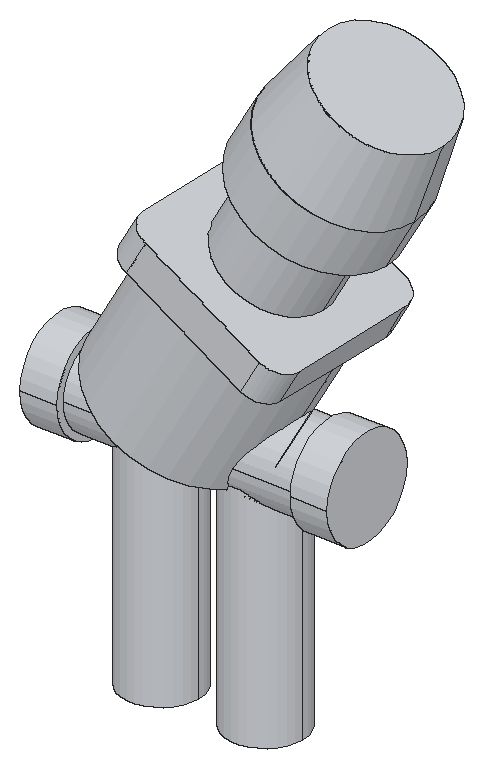
Revit family "OPTIMA_Compact_Plus_MM_DN10_2,5_RFA_2018", category Pipe Accessories, Revit 2018
Family settings
  Round Connector Dimension = Use Diameter
  Part Type = Valve - Breaks Into
  Work Plane-Based = No
  Always vertical = Yes
  Cut with Voids When Loaded = No
  Shared = No
Parameters (values of type "OPTIMA Compact Plus DN10 M-M 2.5mm")
  magiProductId = "273b30465bdd4e038d4ed21de5046f"
  magiProductFamilyId = "3f7bf62c6d3e4202b9bf465282540d"
  magiPartTypeId = 304
  isMeasuringValve [instance] = no
  ang2D [instance] = 0.00°
  Z = 0 mm
  X = 7 mm
  W2D = 32 mm
  VersionID = "2.0/2018.8.28.1/FRESE_OPTIMA-COMPACT-MM_001"
  Use Minimum Symbol Size [instance] = yes
  URL = "www.hydronix.cz"
  Type Comments = "vnější závit; PN25; 0~120°C, s měřením"
  R9 = 8 mm
  R8 = 14 mm
  R7 = 17 mm
  R6 = 12 mm
  R5 = 5 mm
  R4 = 19 mm
  R3 = 19 mm
  R2 = 9 mm
  R1 = 10.5 mm
  QmdConnectorList = "301;D;302;D"
  Productdata [instance] = ""
  PLG0 = yes
  Manufacturer = "Hydronix"
  MC Product Code = "53-1320  (1/2\" M-M; 2.5mm; Qmin-dpmin 30l/h-14.3kPa; Qmax-dpmin 200l/h-15.8kPa; dpmax 800kPa)"
  MC Piping Given Pressure Drop [instance] = 0.0 Pa
  LL = 32.5 mm
  L3 = 11 mm
  L2D_Min = 3048 mm
  L2D = 104 mm
  L2 = 49.4 mm
  L1__ve = -L1  # -7.8 mm
  L1 = 7.8 mm
  H6__ve = -H6  # -52.5 mm
  H6 = 52.5 mm
  H5 = 17 mm
  H4 = 12 mm
  H3 = 18 mm
  H2 = 8 mm
  H1 = 30 mm
  Description = "Tlakově nezávislý 2-cestný regulační vyvažovací ventil (PICV)"
  D = 10 mm
  A = 30.00°
Types (8, lengths in mm): name | magiProductId | Z | X | R4 | R3 | R2 | R1 | MC Product Code | LL | L3 | L2 | L1__ve | L1 | H6__ve | H6 | H5 | H3 | H2 | H1 | D
  OPTIMA Compact Plus DN32 M-M 5.5mm | "ffa5e363716249e69711c5a01860df" | 1 | 13 | 29 | 31.5 | 22 | 24 | "53-1333  (6/4\" M-M; 5.5mm; Qmin-dpmin 550l/h-17.9kPa; Qmax-dpmin 4001l/h-28.0kPa; dpmax 800kPa)" | 52 | 12.5 | 79.04 | -12.48 | 12.48 | -66 | 66 | 20 | 16 | 10 | 46 | 32
  OPTIMA Compact Plus DN15 M-M 2.5mm | "744f5c1a8b784a0caf7e95e8856504" | 0 | 7 | 19 | 19 | 12 | 13 | "53-1324  (3/4\" M-M; 2.5mm; Qmin-dpmin 100l/h-14.9kPa; Qmax-dpmin 575l/h-18.5kPa; dpmax 800kPa)" | 32.5 | 11 | 49.4 | -7.8 | 7.8 | -55 | 55 | 20 | 18 | 8 | 26 | 15
  OPTIMA Compact Plus DN15 M-M 5.0mm | "cc68fe6008154c3392e26a3dfeb2d1" | 0 | 7 | 19 | 19 | 12 | 13 | "53-1325  (3/4\" M-M; 5.0mm; Qmin-dpmin 220l/h-16.0kPa; Qmax-dpmin 1330l/h-21.6kPa; dpmax 800kPa)" | 32.5 | 11 | 49.4 | -7.8 | 7.8 | -55 | 55 | 20 | 18 | 8 | 26 | 15
  OPTIMA Compact Plus DN20 M-M 5.0mm | "af4b706c92c34122b2cf0a056ee45d" | 0 | 10 | 19 | 19 | 13.5 | 16.5 | "53-1328  (1\" M-M; 5.0mm; Qmin-dpmin 220l/h-16.0kPa; Qmax-dpmin 1330l/h-21.6kPa; dpmax 800kPa)" | 35 | 11 | 53.2 | -8.4 | 8.4 | -58.5 | 58.5 | 20 | 18 | 8 | 26 | 20
  OPTIMA Compact Plus DN20 M-M 5.5mm | "3e0f5dc7d8ae4d97894bd6f679fd3a" | 0 | 10 | 19 | 19 | 13.5 | 16.5 | "53-1331  (1\" M-M; 5.5mm; Qmin-dpmin 300l/h-17.8kPa; Qmax-dpmin 1800l/h-40.0kPa; dpmax 800kPa)" | 35 | 11 | 53.2 | -8.4 | 8.4 | -58.5 | 58.5 | 20 | 18 | 8 | 26 | 20
  OPTIMA Compact Plus DN25 M-M 5.5mm | "30c02b6104a34c7a9c49bd2b7417bc" | 0 | 13 | 29 | 31.5 | 18.5 | 21 | "53-1332  (5/4\" M-M; 5.5mm; Qmin-dpmin 600l/h-17.3kPa; Qmax-dpmin 3609l/h-23.0kPa; dpmax 800kPa)" | 52 | 12.5 | 79.04 | -12.48 | 12.48 | -63 | 63 | 20 | 16 | 10 | 43 | 25
  OPTIMA Compact Plus DN10 M-M 2.5mm | "273b30465bdd4e038d4ed21de5046f" | 0 | 7 | 19 | 19 | 9 | 10.5 | "53-1320  (1/2\" M-M; 2.5mm; Qmin-dpmin 30l/h-14.3kPa; Qmax-dpmin 200l/h-15.8kPa; dpmax 800kPa)" | 32.5 | 11 | 49.4 | -7.8 | 7.8 | -52.5 | 52.5 | 17 | 18 | 8 | 30 | 10
  OPTIMA Compact Plus DN10 M-M 5.0mm | "05e83065d4b14c0ea9b5a56fcd5d4f" | 0 | 7 | 19 | 19 | 9 | 10.5 | "53-1329  (1/2\" M-M; 5.0mm; Qmin-dpmin 65l/h-14.6kPa; Qmax-dpmin 370l/h-17.2kPa; dpmax 800kPa)" | 32.5 | 11 | 49.4 | -7.8 | 7.8 | -52.5 | 52.5 | 17 | 18 | 8 | 30 | 10
Reference planes
  plane 1 "Center (Front/Back)": y = 0
  plane 2 "XYPLANE": z = 0
  plane 3 "Center (Left/Right)": x = 0
  plane 4 "267": x = 11
  plane 5 "266": x = -11
  plane 6 "252": through (-607.019, 0, 448.612) normal (0.5, 0, 0.866)
  plane 7 "250": through (-615.519, 0, 433.89) normal (0.5, 0, 0.866)
  plane 8 "248": through (-621.519, 0, 423.497) normal (0.5, 0, 0.866)
  plane 9 "245": through (-630.519, 0, 407.909) normal (0.5, 0, 0.866)
  plane 10 "241": through (352.483, 0, 662.519) normal (0.866, 0, -0.5)
  plane 11 "240": through (385.392, 0, 643.519) normal (0.866, 0, -0.5)
  plane 12 "239": y = -19
  plane 13 "238": y = 19
  plane 14 "237": through (-634.519, 0, 400.981) normal (0.5, 0, 0.866)
  plane 15 "235": through (-649.519, 0, 375) normal (0.5, 0, 0.866)
  plane 16 "231": y = 0
  plane 17 "230": through (368.938, 0, 653.019) normal (0.866, 0, -0.5)
  plane 18 "211": x = -24.7
  plane 19 "204": x = 32.5
  plane 20 "203": x = -32.5
  plane 21 "202": x = 0
  plane 22 "201": z = 0
  plane 23 "200": y = 0
  plane 24 "227XY": through (-649.519, 0, 375) normal (0.5, 0, 0.866)
  plane 25 "227XZ": y = 0
  plane 26 "227YZ": through (375, 0, 649.519) normal (0.866, 0, -0.5)
Forms (mm)
  Extrusion 1, solid, visible <- "PLG0"
    sketch origin (-750, 0, 0) x (1, 0, 0) y (0, 1, 0)
      loop
        circle (761, 0) r 8
    from 0 to -52.5 <- "H6__ve"
  Extrusion 2, solid, visible <- "PLG0"
    sketch origin (-750, 0, 0) x (1, 0, 0) y (0, 1, 0)
      loop
        circle (739, 0) r 8
    from 0 to -52.5 <- "H6__ve"
  Blend 3, solid
    base sketch origin (-615.519, 0, 433.89) x (0.866025, 0, -0.5) y (0, 1, 0)
      loop
        circle (743, 0) r 17
    top sketch origin (-615.519, 0, 433.89) x (0.866025, 0, -0.5) y (0, 1, 0)
      loop
        circle (743, 0) r 14
    from 0 to 17
  Extrusion 4, solid
    sketch origin (-621.519, 0, 423.497) x (0.866025, 0, -0.5) y (0, 1, 0)
      loop
        circle (743, 0) r 17
    from 0 to 12 <- "H4"
  Extrusion 5, solid
    sketch origin (-630.519, 0, 407.909) x (0.866025, 0, -0.5) y (0, 1, 0)
      loop
        circle (743, 0) r 12
    from 0 to 18 <- "H3"
  Extrusion 6, solid
    sketch origin (-634.519, 0, 400.981) x (0.866025, 0, -0.5) y (0, 1, 0)
      loop
        arc (729, 19) -> (725.464, 17.536) -> (724, 14) r 5
        line (724, 14) -> (724, -14)
        arc (724, -14) -> (725.464, -17.536) -> (729, -19) r 5
        line (729, -19) -> (757, -19)
        arc (757, -19) -> (760.536, -17.536) -> (762, -14) r 5
        line (762, -14) -> (762, 14)
        arc (762, 14) -> (760.536, 17.536) -> (757, 19) r 5
        line (757, 19) -> (729, 19)
    from 0 to 8 <- "H2"
  Extrusion 7, solid
    sketch origin (-649.519, 0, 375) x (0.866025, 0, -0.5) y (0, 1, 0)
      loop
        circle (743, 0) r 19
    from 0 to 30 <- "H1"
  Extrusion 8, solid
    sketch origin (-24.7, -750, 0) x (0, 1, 0) y (0, 0, 1)
      loop
        circle (750, 0) r 9
    from 0 to 49.4 <- "L2"
  Extrusion 9, solid
    sketch origin (32.5, -750, 0) x (0, 1, 0) y (0, 0, 1)
      loop
        circle (750, 0) r 10.5
    from 0 to -7.8 <- "L1__ve"
  Extrusion 10, solid
    sketch origin (-32.5, -750, 0) x (0, 1, 0) y (0, 0, 1)
      loop
        circle (750, 0) r 10.5
    from 0 to 7.8 <- "L1"
  Extrusion 11, solid, not visible
    sketch origin (32.5, -750, 0) x (0, 1, 0) y (0, 0, 1)
      loop
        circle (750, 0) r 10
    from 0 to -10
  Extrusion 12, solid, not visible
    sketch origin (-32.5, -750, 0) x (0, 1, 0) y (0, 0, 1)
      loop
        circle (750, 0) r 10
    from 0 to 10
Lines and regions (mm)
  reference lines, not visible
    curve 1: circle (2, 2, 0) r 1 normal (0, 0, 1)
Text (mm)
  text "© Progman Oy, all rights reserved" at (-472.209, -2482.653, 0), in view "Ref. Level"
Dimensions and locks
  plane 1 "Center (Front/Back)" to curve 1 = 2 mm
  "L3": plane 3 "Center (Left/Right)" to plane 4 "267"
  "L3": plane 3 "Center (Left/Right)" to plane 5 "266"
  "H5": plane 7 "250" to plane 6 "252"
  "H4": plane 8 "248" to plane 7 "250"
  "H3": plane 9 "245" to plane 8 "248"
  "H2": plane 14 "237" to plane 9 "245"
  "R4": plane 17 "230" to plane 10 "241"
  "R4": plane 17 "230" to plane 11 "240"
  "R4": plane 23 "200" to plane 12 "239"
  "R4": plane 23 "200" to plane 13 "238"
  "H1": plane 15 "235" to plane 14 "237"
  "Z": plane 24 "227XY" to plane 15 "235"
  locked: plane 23 "200" to plane 16 "231"
  "X": plane 26 "227YZ" to plane 17 "230"
  "L1": plane 20 "203" to plane 18 "211"
  "LL": plane 3 "Center (Left/Right)" to plane 19 "204"
  "LL": plane 3 "Center (Left/Right)" to plane 20 "203"
  locked: plane 3 "Center (Left/Right)" to plane 21 "202"
  locked: plane 2 "XYPLANE" to plane 22 "201"
  locked: plane 1 "Center (Front/Back)" to plane 23 "200"
  Extrusion 6 sketch curve to Extrusion 6 sketch curve = 0 mm  (x16)
  "R9": radius of Extrusion 1 sketch curve
  "R9": radius of Extrusion 2 sketch curve
  "R8": radius of Blend 3 sketch curve
  "R7": radius of Blend 3 sketch curve
  "R7": radius of Extrusion 4 sketch curve
  "R6": radius of Extrusion 5 sketch curve
  "R5": radius of Extrusion 6 sketch curve  (x4)
  "R3": radius of Extrusion 7 sketch curve
  "R2": radius of Extrusion 8 sketch curve
  "R1": radius of Extrusion 9 sketch curve
  "R1": radius of Extrusion 10 sketch curve
  aligned and locked: level to plane 2 "XYPLANE"
  aligned and locked: plane 4 "267" to Extrusion 1 sketch curve
  aligned and locked: plane 23 "200" to Extrusion 1 sketch curve
  aligned and locked: plane 5 "266" to Extrusion 2 sketch curve
  aligned and locked: plane 23 "200" to Extrusion 2 sketch curve
  aligned and locked: plane 16 "231" to Blend 3 sketch curve  (x2)
  aligned and locked: Blend 3 sketch curve to plane 17 "230"  (x2)
  aligned and locked: plane 6 "252" to Blend 3
  aligned and locked: plane 16 "231" to Extrusion 4 sketch curve
  aligned and locked: Extrusion 4 sketch curve to plane 17 "230"
  aligned and locked: plane 16 "231" to Extrusion 5 sketch curve
  aligned and locked: Extrusion 5 sketch curve to plane 17 "230"
  aligned and locked: Extrusion 6 sketch curve to plane 10 "241"
  aligned and locked: Extrusion 6 sketch curve to plane 12 "239"
  aligned and locked: Extrusion 6 sketch curve to plane 11 "240"
  aligned and locked: plane 13 "238" to Extrusion 6 sketch curve
  aligned and locked: plane 16 "231" to Extrusion 7 sketch curve
  aligned and locked: Extrusion 7 sketch curve to plane 17 "230"
  aligned and locked: plane 22 "201" to Extrusion 8 sketch curve
  aligned and locked: Extrusion 8 sketch curve to plane 23 "200"
  aligned and locked: plane 22 "201" to Extrusion 9 sketch curve
  aligned and locked: Extrusion 9 sketch curve to plane 23 "200"
  aligned and locked: plane 22 "201" to Extrusion 10 sketch curve
  aligned and locked: Extrusion 10 sketch curve to plane 23 "200"
  aligned and locked: plane 22 "201" to Extrusion 11 sketch curve
  aligned and locked: Extrusion 11 sketch curve to plane 23 "200"
  aligned and locked: plane 22 "201" to Extrusion 12 sketch curve
  aligned and locked: Extrusion 12 sketch curve to plane 23 "200"
Automatic sketch dimensions
  plane 1 "Center (Front/Back)" to Extrusion 11 sketch curve = 10 mm
  plane 1 "Center (Front/Back)" to Extrusion 12 sketch curve = 10 mm
  plane 3 "Center (Left/Right)" to curve 1 = 2 mm
  radius of curve 1 = 1 mm
Connectors
  piping at (-32.5, 0, 0), diameter 10, driven by "D"
    settings: on Extrusion 12, index 1, connector inside diameter 609.6 mm, connector length 0 mm, flow factor 0, pipe flow 0.0 L/s, pressure drop 0.0 Pa, fitting loss kfactor 0, connector angle 0.00°, fixture units 0, engagement length 0 mm, angle of deflection 0.00°, flow configuration 0, flow direction 0, fitting loss method 0, system type 29, joint type 0, gender type 0, connector reference index 2, connector utility 0, adjustable connector no, is connector primary yes, connector description ""
  piping at (32.5, 0, 0), diameter 10, driven by "D"
    settings: on Extrusion 11, index 2, connector inside diameter 609.6 mm, connector length 0 mm, flow factor 0, pipe flow 0.0 L/s, pressure drop 0.0 Pa, fitting loss kfactor 0, connector angle 0.00°, fixture units 0, engagement length 0 mm, angle of deflection 0.00°, flow configuration 0, flow direction 0, fitting loss method 0, system type 29, joint type 0, gender type 0, connector reference index 1, connector utility 0, adjustable connector no, is connector primary no, connector description ""
